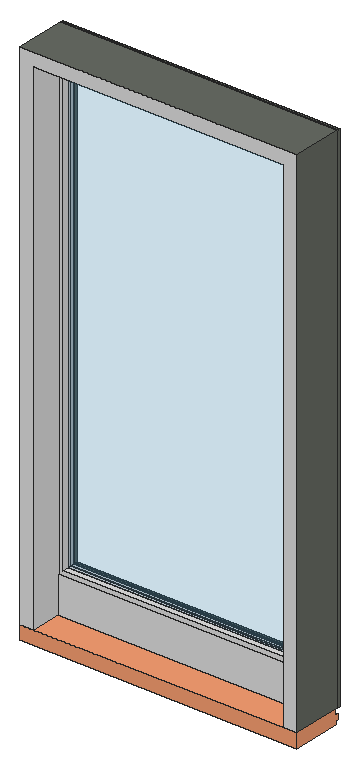
Revit family "Windows_Fixed-Frames_Hajom_TypeF-Alu", category Drzwi, Revit 2016
Family settings
  Obiekt nadrzędny = Ściana
  Numer OmniClass = 23.30.10.00
  Tytuł OmniClass = Doors
  Zawsze pionowo = Tak
  Tnij formami wycięć po wczytaniu = Nie
  Współdzielony = Nie
  Punkt obliczania pomieszczeń = Nie
Parameters
  Youtube clip = ""
  Uniformat II Description = "Exterior Windows"
  Uniformat II Code = "B2020"
  Uniclass 2015 Name = "Wood window units"
  Uniclass 2015 Code = "Pr_30_59_98_96"
  Uniclass 2.0 Description = ""
  Uniclass 2.0 Code = ""
  Uniclass 1.4 Description = ""
  Uniclass 1.4 Code = ""
  UNSPSC Code = ""
  Grubość = 0 mm  # constant formula
  Thereshold Material [instance] = Teac
  Technical description = "http://www.hajom.com/infocenter/"
  Rough Width = 0 mm  # constant formula
  Rough Height = 0 mm  # constant formula
  Region South America = "AR, BO, BR, CL, CO, EC, FK, GF, GY, PE, PY, SR, UY, VE"
  Region Oceania = "AS, AU, CK, FJ, FM, GU, KI, MH, MP, NC, NF, NR, NU, NZ, PF, PG, PN, PW, SB, TK, TL, TO, TV, UM, WF, WS, VU"
  Region North America = "AG, AI, AW, BB, BL, BM, BQ, BS, BZ, CA, CR, CU, CW, DM, DO, GD, GL, GP, GT, HN, HT, JM, KN, KY, LC, MF, MQ, MS, MX, NI, PA, PM, PR, SV, SX, TC, TT, US, VC, VG, VI"
  Region Middle East = "AE, AF, BH, EG, IL, IQ, IR, JO, KW, LB, OM, PS, QA, SA, SY, TR, YE"
  Region Europe = "AD, AL, AT, AX, BA, BE, BG, BY, CH, CY, CZ, DE, DK, EE, ES, FI, FO, FR, GB, GG, GI, GR, HR, HU, IE, IM, IS, IT, JE, LI, LT, LU, LV, MC, MD, ME, MK, MT, NL, NO, PL, PT, RO, RS, RU, SE, SI, SJ, SK, SM, UA, VA"
  Region Asia = "AM, AZ, BD, BN, BT, CC, CN, CX, GE, HK, ID, IN, IO, JP, KG, KH, KR, KZ, LA, LK, MM, MN, MO, MV, MY, NP, PH, PK, SG, TH, TJ, TM, TW, UZ, VN"
  Region Antarctica = "AQ, BV, GS, HM, TF"
  Region Africa = "AO, BF, BI, BJ, BW, CD, CF, CG, CI, CM, CV, DJ, DZ, EH, ER, ET, GA, GH, GM, GN, GQ, GW, KE, KM, LR, LS, LY, MA, MG, ML, MR, MU, MW, MZ, NA, NE, NG, RE, RW, SC, SD, SH, SL, SN, SO, SS, ST, SZ, TD, TG, TN, TZ, UG, YT, ZA, ZM, ZW"
  QR code = "http://bimobject.com/hajom/product/TypF-Alu"
  Product url = "http://www.hajom.com/skjutdorrar/hajom-klassiska-serien/"
  Product group = "Klassiska"
  Product family = "Skjutdörrar"
  Product data url = "https://bimobject.com/hajom/product/TypF-Alu"
  Product certification = "http://www.hajom.com/infocenter/"
  Product SKU = "TypF-Alu"
  Product Guid = "5083bad6-47e3-4857-bc02-264239ee6fd7"
  Option4 [instance] = Glass 3 Layer : Glass - Sun Protection
  Option3 [instance] = Glass 3 Layer : Glass - Bioclean
  Option2 [instance] = Glass 3 Layer : Glass - Sound
  Option1 [instance] = Glass 3 Layer : Glass- Standard
  Opt.4 [instance] = Glass Selection = Option4  # no
  Opt.3 [instance] = Glass Selection = Option3  # no
  Opt.2 [instance] = Glass Selection = Option2  # no
  Opt.1 [instance] = Glass Selection = Option1  # yes
  OmniClass Description = "Wood Fixed Windows"
  OmniClass Code = "23-17 13 15 11"
  NBS Reference Description = ""
  NBS Reference Code = ""
  Min Door Width [instance] = 580 mm  # constant formula
  Min Door Height [instance] = 2020 mm  # constant formula
  Max Door Width [instance] = 2180 mm  # constant formula
  Max Door Height [instance] = 2420 mm  # constant formula
  Material secondary = "Glass"
  Material main = "Wood"
  Masterformat 2014 Description = "Wood Windows"
  Masterformat 2014 Code = "08 52 00"
  Manufacturer name = "Hajom"
  Manufacturer country = "Sweden"
  Interior Color [instance] = Pure White
  Installation instructions = "http://www.hajom.com/infocenter/"
  Inset [instance] = 50 mm
  IFC Classification = "Window"
  Glass Selection [instance] = Glass 3 Layer : Glass- Standard
  Gap [instance] = 10 mm  # constant formula
  Funkcja = Wewnętrzna
  Frame Projection Ext. = 25 mm
  Frame Projection Int. = 25 mm
  Frame Width = 75 mm
  Height = 0 mm  # constant formula
  Zakończenie ściany = Wg obiektu nadrzędnego
  Szerokość = 0 mm  # constant formula
  Fixed Door Width [instance] = 1120 mm
  Fixed Door Height [instance] = 2150 mm
  Exterior Color [instance] = Fir Green RAL 6009
  Edition number = 1
  EAN code = ""
  Door Width [instance] = if(Fixed Door Width < Min Door Width, Min Door Width, if(Fixed Door Width > Max Door Width, Max Door Width, Fixed Door Width))  # 1120 mm
  Door Height [instance] = if(Fixed Door Height < Min Door Height, Min Door Height, if(Fixed Door Height > Max Door Height, Max Door Height, Fixed Door Height))  # 2150 mm
  Design country = "Sweden"
  Date of publishing = ""
  COBIe Type Category = ""
  Brand url = "https://hajom.com"
  BIMobject main category code = "windows"
  BIMobject main category = "Windows"
  BIMobject category code = "windows-fixed"
  BIMobject category = "Fixed Frames"
  Konstrukcja analityczna = "<None>"
Reference planes
  plane 1: y = 0
  plane 2 "Center (Left/Right)": x = 0
  plane 3 "Left": x = -570
  plane 4 "Right": x = 570
  plane 5: z = 2160
  plane 6 "Exterior": y = 75
  plane 7 "Interior": y = -75
  plane 8 "Door Right": x = -560
  plane 9 "Door Left": x = 560
  plane 10: z = 2150
  plane 11 "Door Exterior": y = 25
  plane 12 "Sash Bottom/Frame Top": z = 55
  plane 13 "Glass Center": y = -10.688
Forms (mm)
  Sweep 1, solid, material "Teac" <- "Thereshold Material"
    path origin (0, 25, 0) x (-1, 0, 0) y (0, 0, 1)
      loop
        line (560, 0) -> (-560, 0)
    profile origin (0, 25, 0) x (0, 0, -1) y (0, 1, 0)
      loop
        line (0, -10) -> (-15, -10) -> (-15, 0) -> (-35, 0) -> (-37, -15) -> (-55, -15) -> (-55, -205) -> (0, -205) -> (0, -10)
  Sweep 2, solid
    path origin (0, 25, 0) x (-1, 0, 0) y (0, 0, 1)
      loop
        line (560, 55) -> (560, 2150) -> (-560, 2150) -> (-560, 55)
    profile origin (-560, 25, 1102.5) x (1, 0, 0) y (0, 1, 0)
      loop
        line (0, 0) -> (0, -205) -> (55, -205) -> (55, -80) -> (72, -80) -> (72, -56) -> (55, -56) -> (55, 0) -> (0, 0)
  Sweep 3, solid
    path origin (0, 25, 0) x (-1, 0, 0) y (0, 0, 1)
      loop
        line (505, 55) -> (-505, 55)
    profile origin (0, 25, 55) x (0, 0, -1) y (0, 1, 0)
      loop
        line (0, 0) -> (-144, 0) -> (-149, -38) -> (-149, -56) -> (-166, -56) -> (-166, -80) -> (-149, -80) -> (-149, -82) -> (0, -82) -> (0, 0)
  Sweep 4, solid, material "Fir Green RAL 6009" <- "Exterior Color", detail levels fine
    path origin (0, 25, 0) x (-1, 0, 0) y (0, 0, 1)
      loop
        line (560, 55) -> (560, 2150) -> (-560, 2150) -> (-560, 55)
    profile origin (-560, 25, 1102.5) x (1, 0, 0) y (0, 1, 0)
      loop
        line (0, 0) -> (1.3, 0) -> (1.3, 8.7) -> (58.172, 8.7) -> (69.399, -15.376) -> (70.833, -15.376) -> (59, 10) -> (0, 10) -> (0, 0)
  Sweep 5, solid, material "Fir Green RAL 6009" <- "Exterior Color", detail levels fine
    path origin (0, 25, 0) x (-1, 0, 0) y (0, 0, 1)
      loop
        line (-505, 55) -> (505, 55)
    profile origin (0, 25, 55) x (0, 0, 1) y (0, 1, 0)
      loop
        line (0, 0) -> (1.3, 0) -> (1.3, 8.7) -> (152.172, 8.7) -> (163.399, -15.377) -> (164.833, -15.377) -> (153, 10) -> (0, 10) -> (0, 0)
Cuts and joins
  joined: Sweep 4, Sweep 5
  joined: Sweep 2, Sweep 3
Lines and regions (mm)
  Opening 1
    outline origin (-3050, -75, 0) x (1, 0, 0) y (0, 0, 1)
      loop
        line (2480, 0) -> (3620, 0) -> (3620, 2160) -> (2480, 2160) -> (2480, 0)
Text (mm)
  text "Exterior" at (-2295.016, 1099.543, 0), in view "Ref. Level"
  text "Exterior" at (0, 1615.38, 3698.081), in view "Left"
  text "Exterior" at (0, 1036.032, 3874.932), in view "Right"
Dimensions and locks
  equal spacing: plane 3 "Left", plane 2 "Center (Left/Right)", plane 4 "Right"
  locked: plane 6 "Exterior" to host wall at 0
  locked: plane 7 "Interior" to host wall
  "Gap": plane 8 "Door Right" to plane 3 "Left"
  "Gap": plane 4 "Right" to plane 9 "Door Left"
  "Gap": plane 5 to plane 10
  "Door Width": plane 8 "Door Right" to plane 9 "Door Left"
  "Door Height": plane 10 to level
  "Inset": plane 11 "Door Exterior" to plane 6 "Exterior"
  plane 12 "Sash Bottom/Frame Top" to level = 55 mm
  equal spacing: Sweep 2, plane 13 "Glass Center", cut or joined group of Sweep 4, Sweep 5
  locked: plane 11 "Door Exterior" to plane 13 "Glass Center" at 35.688
  aligned and locked: plane 3 "Left" to Opening 1 sketch curve
  aligned and locked: plane 5 to Opening 1 sketch curve  (x2)
  aligned and locked: Opening 1 sketch curve to plane 4 "Right"
  aligned and locked: Opening 1 sketch curve to level
  aligned and locked: plane 1 to host wall
  aligned and locked: plane 8 "Door Right" to Sweep 1 sketch curve
  aligned and locked: plane 9 "Door Left" to Sweep 1 sketch curve
  aligned and locked: Sweep 1 sketch curve to level
  aligned and locked: level to Sweep 1 sketch curve
  aligned and locked: plane 12 "Sash Bottom/Frame Top" to Sweep 2 sketch curve  (x2)
  aligned and locked: plane 8 "Door Right" to Sweep 2 sketch curve
  aligned and locked: Sweep 2 sketch curve to plane 9 "Door Left"
  aligned and locked: Sweep 2 sketch curve to plane 10
  aligned and locked: Sweep 2 to Sweep 3 sketch curve
  aligned and locked: plane 8 "Door Right" to Sweep 4 sketch curve
  aligned and locked: Sweep 4 sketch curve to plane 9 "Door Left"
  aligned and locked: Sweep 4 sketch curve to plane 10
  aligned and locked: plane 12 "Sash Bottom/Frame Top" to Sweep 4 sketch curve  (x2)
  aligned and locked: Sweep 5 sketch curve to plane 12 "Sash Bottom/Frame Top"
  aligned and locked: nested 1 to plane 13 "Glass Center"
  aligned and locked: Sweep 3 to nested 1
  aligned and locked: nested 1 to Sweep 2  (x2)
  aligned and locked: Sweep 2 to nested 1
Automatic sketch dimensions
  Sweep 1 sketch curve to plane 11 "Door Exterior" = 0 mm
  profile plane to Sweep 1 sketch curve = 15 mm
  profile plane to Sweep 1 sketch curve = 55 mm
  Sweep 1 sketch curve to plane 11 "Door Exterior" = 10 mm
  Sweep 1 sketch curve to plane 11 "Door Exterior" = 15 mm
  Sweep 1 sketch curve to Sweep 1 sketch curve = 190 mm
  Sweep 1 sketch curve to Sweep 1 sketch curve = 20 mm
  Sweep 1 sketch curve to Sweep 1 sketch curve = 2 mm
  Sweep 2 sketch curve to plane 11 "Door Exterior" = 0 mm
  Sweep 2 sketch curve to profile plane = 0 mm
  Sweep 2 sketch curve to profile plane = 55 mm
  Sweep 2 sketch curve to Sweep 2 sketch curve = 0 mm
  Sweep 2 sketch curve to Sweep 2 sketch curve = 17 mm
  Sweep 2 sketch curve to plane 11 "Door Exterior" = 56 mm
  Sweep 2 sketch curve to Sweep 2 sketch curve = 24 mm
  Sweep 2 sketch curve to Sweep 2 sketch curve = 125 mm
  Sweep 3 sketch curve to plane 11 "Door Exterior" = 0 mm
  Sweep 3 sketch curve to profile plane = 0 mm
  Sweep 3 sketch curve to plane 11 "Door Exterior" = 56 mm
  profile plane to Sweep 3 sketch curve = 149 mm
  Sweep 3 sketch curve to Sweep 3 sketch curve = 0 mm
  Sweep 3 sketch curve to Sweep 3 sketch curve = 17 mm
  Sweep 3 sketch curve to Sweep 3 sketch curve = 24 mm
  Sweep 3 sketch curve to Sweep 3 sketch curve = 2 mm
  Sweep 3 sketch curve to Sweep 3 sketch curve = 5 mm
  Sweep 3 sketch curve to plane 11 "Door Exterior" = 38 mm
  Sweep 3 sketch curve to plane 9 "Door Left" = 55 mm
  plane 8 "Door Right" to Sweep 3 sketch curve = 55 mm
  Sweep 5 sketch curve to plane 11 "Door Exterior" = 0 mm
  profile plane to Sweep 5 sketch curve = 0 mm
  plane 11 "Door Exterior" to Sweep 5 sketch curve = 8.7 mm
  Sweep 5 sketch curve to profile plane = 152.172 mm
  plane 11 "Door Exterior" to Sweep 5 sketch curve = 10 mm
  Sweep 5 sketch curve to Sweep 5 sketch curve = 0.828 mm
  Sweep 5 sketch curve to Sweep 5 sketch curve = 11.227 mm
  Sweep 5 sketch curve to plane 11 "Door Exterior" = 15.377 mm
  Sweep 5 sketch curve to Sweep 5 sketch curve = 1.434 mm
  Sweep 5 sketch curve to Sweep 5 sketch curve = 1.3 mm
  Sweep 5 sketch curve to plane 9 "Door Left" = 55 mm
  plane 8 "Door Right" to Sweep 5 sketch curve = 55 mm
  Sweep 4 sketch curve to profile plane = 0 mm
  Sweep 4 sketch curve to plane 11 "Door Exterior" = 0 mm
  Sweep 4 sketch curve to profile plane = 1.3 mm
  plane 11 "Door Exterior" to Sweep 4 sketch curve = 8.7 mm
  Sweep 4 sketch curve to Sweep 4 sketch curve = 56.872 mm
  plane 11 "Door Exterior" to Sweep 4 sketch curve = 10 mm
  Sweep 4 sketch curve to Sweep 4 sketch curve = 0.828 mm
  Sweep 4 sketch curve to plane 11 "Door Exterior" = 15.376 mm
  Sweep 4 sketch curve to Sweep 4 sketch curve = 11.227 mm
  Sweep 4 sketch curve to Sweep 4 sketch curve = 1.434 mm
Nested families
  nested 1: "Glass 3 Layer" at (0, -10.688, 204), type "Glass - Sound"
    with Glass width 1010 mm, Glass height 1891 mm, Glass Material Glass, Aluminium none
  nested 2: "Standart" at (1.566, 359.979, 0), visible <- "Opt.1", type "Standart"
  nested 3: "Sound" at (1.566, 356.997, 0), visible <- "Opt.2", type "Sound"
  nested 4: "Bioclean" at (-12.443, 359.979, 0), visible <- "Opt.3", type "Bioclean"
  nested 5: "Sun Protection" at (6.908, 356.997, 0), visible <- "Opt.4", type "Sun Protection"
Definition of nested family "Glass 3 Layer"
  Parameters (values of type "Glass - Sun Protection")
    Glass width [instance] = 2500 mm
    Glass height [instance] = 1500 mm
    Glass Material [instance] = none
    Distance 2 = 12 mm
    Distance 1 = 12 mm
    Analytic Construction = "<None>"
    Aluminium [instance] = none
  Types (4): name
    Glass - Sound
    Glass- Standard
    Glass - Sun Protection
    Glass - Bioclean
  Reference planes
    plane 1 "Center (Front/Back)": y = 0
    plane 2: z = 0
    plane 3 "Center (Left/Right)": x = 0
    plane 4: y = 2.03
    plane 5: y = 14.03
    plane 6: y = 18.03
    plane 7: y = -2.03
    plane 8: y = -14.03
    plane 9: y = -18.03
    plane 10: x = -1250
    plane 11: x = 1250
    plane 12: z = 1500
    plane 13: z = 750
  Forms (mm)
    Extrusion 1, solid, material <- "Glass Material"
      sketch origin (0, 0, 0) x (1, 0, 0) y (0, 1, 0)
        loop
          line (-1250, 18.03) -> (-1250, 14.03) -> (1250, 14.03) -> (1250, 18.03) -> (-1250, 18.03)
      from 0 to 1500
    Extrusion 2, solid, material <- "Glass Material"
      sketch origin (0, 0, 0) x (1, 0, 0) y (0, 1, 0)
        loop
          line (-1250, -14.03) -> (-1250, -18.03) -> (1250, -18.03) -> (1250, -14.03) -> (-1250, -14.03)
      from 0 to 1500
    Extrusion 3, solid, material <- "Glass Material"
      sketch origin (0, 0, 0) x (1, 0, 0) y (0, 1, 0)
        loop
          line (-1250, 2.03) -> (-1250, -2.03) -> (1250, -2.03) -> (1250, 2.03) -> (-1250, 2.03)
      from 0 to 1500
    Sweep 4, solid, material <- "Aluminium"
      path origin (0, 0, 0) x (1, 0, 0) y (0, 0, 1)
        loop
          line (1247, 1497) -> (-1247, 1497) -> (-1247, 3) -> (1247, 3) -> (1247, 1497)
      profile origin (0, 0, 1497) x (0, 0, -1) y (0, -1, 0)
        loop
          line (0, -14.03) -> (10, -14.03) -> (10, -2.03) -> (0, -2.03) -> (0, -14.03)
        loop
          line (0, 2.03) -> (10, 2.03) -> (10, 14.03) -> (0, 14.03) -> (0, 2.03)
  Dimensions and locks
    "Distance 1": plane 8 to plane 7
    "Distance 2": plane 5 to plane 4
    locked: plane 6 to plane 5 at 4
    locked: plane 9 to plane 8 at 4
    equal spacing: plane 7, plane 1 "Center (Front/Back)", plane 4
    locked: plane 7 to plane 4 at 4.061
    equal spacing: plane 10, plane 3 "Center (Left/Right)", plane 11
    "Glass width": plane 10 to plane 11
    "Glass height": plane 12 to plane 2
    locked: Sweep 4 sketch curve to plane 12 at 3
    locked: Sweep 4 sketch curve to plane 10 at 3
    locked: plane 2 to Sweep 4 sketch curve at 3
    locked: Sweep 4 sketch curve to plane 11 at 3
    Sweep 4 sketch curve to Sweep 4 sketch curve = 10 mm  (x2)
    equal spacing: plane 12, plane 13, plane 2
    equal spacing: Extrusion 1, plane 13, Extrusion 1
    equal spacing: plane 11, plane 3 "Center (Left/Right)", plane 10
    aligned and locked: level to plane 2
    aligned and locked: Extrusion 1 sketch curve to plane 6
    aligned and locked: plane 5 to Extrusion 1 sketch curve
    aligned and locked: plane 10 to Extrusion 1 sketch curve
    aligned and locked: Extrusion 1 sketch curve to plane 11
    aligned and locked: plane 12 to Extrusion 1
    aligned and locked: plane 11 to Extrusion 1
    aligned and locked: Extrusion 1 to plane 10
    aligned and locked: plane 10 to Extrusion 2 sketch curve
    aligned and locked: plane 8 to Extrusion 2 sketch curve
    aligned and locked: Extrusion 2 sketch curve to plane 9
    aligned and locked: Extrusion 2 sketch curve to plane 11
    aligned and locked: plane 12 to Extrusion 2
    aligned and locked: Extrusion 1 to plane 2
    aligned and locked: plane 2 to Extrusion 1
    aligned and locked: Extrusion 2 to plane 2
    aligned and locked: Extrusion 3 sketch curve to plane 4
    aligned and locked: Extrusion 3 sketch curve to plane 7
    aligned and locked: plane 10 to Extrusion 3 sketch curve
    aligned and locked: Extrusion 3 sketch curve to plane 11
    aligned and locked: plane 12 to Extrusion 3
    aligned and locked: Extrusion 3 to plane 2
    aligned and locked: Sweep 4 sketch curve to plane 5
    aligned and locked: plane 4 to Sweep 4 sketch curve
    aligned and locked: plane 7 to Sweep 4 sketch curve
    aligned and locked: Sweep 4 sketch curve to plane 8
  Automatic sketch dimensions
    Sweep 4 sketch curve to profile plane = 0 mm
    Sweep 4 sketch curve to Sweep 4 sketch curve = 0 mm
Definition of nested family "Standart"
  Reference planes
    plane 1 "Center (Front/Back)": y = 0
    plane 2: z = 0
    plane 3 "Center (Left/Right)": x = 0
  Imported bodies without a history: 1
Definition of nested family "Sound"
  Reference planes
    plane 1 "Center (Front/Back)": y = 0
    plane 2: z = 0
    plane 3 "Center (Left/Right)": x = 0
  Imported bodies without a history: 1
Definition of nested family "Bioclean"
  Reference planes
    plane 1 "Center (Front/Back)": y = 0
    plane 2: z = 0
    plane 3 "Center (Left/Right)": x = 0
  Imported bodies without a history: 1
Definition of nested family "Sun Protection"
  Reference planes
    plane 1 "Center (Front/Back)": y = 0
    plane 2: z = 0
    plane 3 "Center (Left/Right)": x = 0
  Imported bodies without a history: 1
